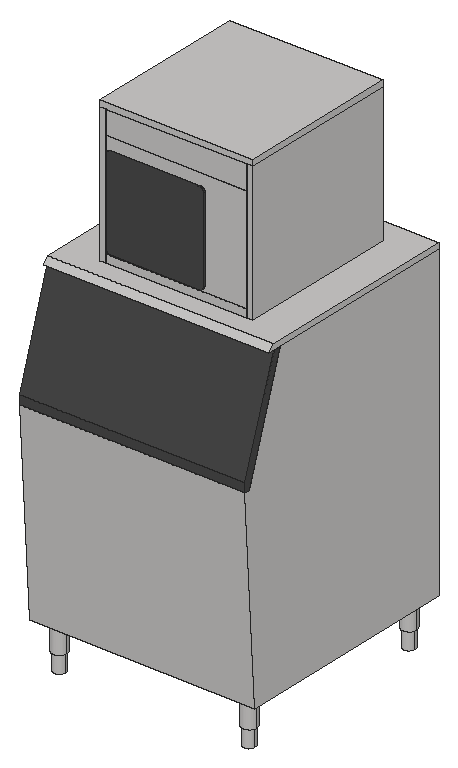
Revit family "QF_ELECTROLUXPROFESSIONAL_730292_IGF225M230SNP", category Attrezzature speciali, Revit 2018
Family settings
  Quota connettore circolare = Usa diametro
  Tipo di parte = Normale
  Basato su piano di lavoro = No
  Sempre verticale = Sì
  Taglio con vuoti quando caricato = No
  Condiviso = No
  Punto di calcolo locali = No
Parameters (values of type "Standard")
  Weight = 52.00 kg
  Watts = 0 W
  Volts = 220 V
  URL Manufacturer = "https://www.electroluxprofessional.com/"
  URL = "https://www.electroluxprofessional.com/"
  Steam Supply Size = 0 mm
  Steam Supply Minimum Pressure = 0.0 Pa
  Steam Supply Maximum Pressure = 0.0 Pa
  Steam Pounds per Hour = 0
  Show Logo [instance] = yes
  Show Clearance [instance] = yes
  Refrigeration Suction Line Size = 0 mm
  Refrigeration Liquid Line Size = 0 mm
  Refrigerant Compressor Remote = yes
  Produttore = "Electrolux Professional"
  Phase = 1
  Modello = "IGF225M230SNP"
  Length Actual = 762 mm  # constant formula
  Item Number = "730292"
  Hot Water Size = 0 mm
  Height Actual = 1751 mm  # constant formula
  HP = "0 HP"
  Gas Size = 0 mm
  Gas KW = 0
  Gas Input Pressure = 0 W
  Descrizione = "WATER COOLED GRANULAR ICE 234KG/24H+BIN 230KG MODULAR"
  Depth Actual = 819 mm  # constant formula
  Cycle = 50 Hz
  Condensate Return Size = 0 mm
  Compressed Air Volume = 0.0 L/s
  Compressed Air Size = 0 mm
  Compressed Air Pressure = 0.0 Pa
  Cold Water Size = 19.05 mm
  Accessory = yes
Reference planes
  plane 1 "Center X": y = 272.851
  plane 2: z = 0
  plane 3 "Center Y": x = -501.5
  plane 4 "TOP": z = 1710
  plane 5: x = -264
  plane 6: z = 1252
  plane 7: z = 1690
  plane 8: z = 1610
  plane 9 "LEFT": x = -882.5
  plane 10 "RIGHT": x = -120.5
  plane 11 "FRONT": y = -136.649
  plane 12 "BACK": y = 682.351
  plane 13: z = 153
  plane 14: z = 825
  plane 15: y = -93.649
  plane 16: z = 1224
  plane 17: y = -35.649
  plane 18: z = 1204
Forms (mm)
  Extrusion 1, solid, material "QF_Finishes_Stainless Steel"
    sketch origin (0, 50.5, 1224) x (1, 0, 0) y (0, 1, 0)
      loop
        line (-759, 547.851) -> (-759, -2.149) -> (-739, -2.149) -> (-739, 547.851) -> (-759, 547.851)
      loop
        line (-264, 547.851) -> (-264, -2.149) -> (-244, -2.149) -> (-244, 547.851) -> (-264, 547.851)
    from 0 to 466
  Extrusion 2, solid, material "QF_Finishes_Stainless Steel"
    sketch origin (0, 50.5, 1224) x (1, 0, 0) y (0, 1, 0)
      loop
        line (-759, 547.851) -> (-759, -2.149) -> (-244, -2.149) -> (-244, 547.851) -> (-759, 547.851)
    from 466 to 486
  Extrusion 3, solid, material "QF_Finishes_Stainless Steel"
    sketch origin (0, 50.5, 1224) x (1, 0, 0) y (0, 1, 0)
      loop
        line (-739, 547.851) -> (-739, -2.149) -> (-264, -2.149) -> (-264, 547.851) -> (-739, 547.851)
    from 0 to 28
  Extrusion 4, solid, material "QF_Finishes_Black"
    sketch origin (-264, 48.351, 1224) x (-1, 0, 0) y (0, 0, -1)
      loop
        arc (457.5, -346) -> (468.107, -341.607) -> (472.5, -331) r 15
        line (472.5, -331) -> (472.5, -46.529)
        arc (472.5, -46.529) -> (468.107, -35.923) -> (457.5, -31.529) r 15
        line (457.5, -31.529) -> (156.771, -31.529)
        arc (156.771, -31.529) -> (146.165, -35.923) -> (141.771, -46.529) r 15
        line (141.771, -46.529) -> (141.771, -331)
        arc (141.771, -331) -> (146.165, -341.607) -> (156.771, -346) r 15
        line (156.771, -346) -> (457.5, -346)
    from 0 to 2
  Extrusion 5, solid, material "QF_Finishes_Stainless Steel"
    sketch origin (0, 50.5, 1582) x (1, 0, 0) y (0, 1, 0)
      loop
        line (-739, 17.851) -> (-739, -2.149) -> (-264, -2.149) -> (-264, 17.851) -> (-739, 17.851)
    from 28 to 108
  Extrusion 6, solid, material "QF_Finishes_Stainless Steel"
    sketch origin (-501.5, 50.5, 1224) x (0, 1, 0) y (0, 0, 1)
      loop
        line (547.851, 28) -> (547.851, 466) -> (17.851, 466) -> (17.851, 386) -> (-2.149, 386) -> (-2.149, 28) -> (547.851, 28)
    from -237.5 to 237.5
  Extrusion 7, solid, material "QF_Finishes_Stainless Steel"
    sketch origin (-530.119, 598.351, 466.153) x (0, 0, -1) y (-1, 0, 0)
      loop
        circle (-808.847, -214.119) r 10
    from 0 to 10
  Extrusion 8, solid, material "QF_Finishes_Stainless Steel"
    sketch origin (-560.119, 598.351, 479.153) x (0, 0, -1) y (-1, 0, 0)
      loop
        circle (-808.847, -214.119) r 10
    from 0 to 10
  Extrusion 9, solid, material "QF_Finishes_Stainless Steel"
    sketch origin (-570.119, 598.351, 454.153) x (0, 0, -1) y (-1, 0, 0)
      loop
        circle (-808.847, -214.119) r 10
    from 0 to 10
  Extrusion 10, solid, material "QF_Finishes_Stainless Steel"
    sketch origin (-501.5, 0, 0) x (0, 1, 0) y (0, 0, 1)
      loop
        line (-93.649, 153) -> (682.351, 153) -> (682.351, 1204) -> (8.276, 1204) -> (-122.224, 825) -> (-136.649, 825) -> (-93.649, 153)
    from -381 to 381
  Extrusion 11, solid, material "QF_Finishes_Black"
    sketch origin (-501.5, 0, 0) x (0, 1, 0) y (0, 0, 1)
      loop
        line (-122.224, 825) -> (8.276, 1204) -> (-16.479, 1204) -> (-136.649, 855) -> (-136.649, 825) -> (-122.224, 825)
    from -381 to 381
  Extrusion 12, solid, material "QF_Finishes_Stainless Steel"
    sketch origin (-501.5, 0, 0) x (0, 1, 0) y (0, 0, 1)
      loop
        line (682.351, 1204) -> (682.351, 1224) -> (-17.149, 1224) -> (-35.649, 1204) -> (682.351, 1204)
    from -381 to 381
  Extrusion 13, solid, material "QF_Finishes_Stainless Steel"
    sketch origin (-412.402, 52.938, 153) x (1, 0, 0) y (0, -1, 0)
      loop
        circle (-89.098, -499.413) r 10
    from 0 to 10
Lines and regions (mm)
  Split face 1
    outline origin (-264, 48.351, 1582) x (-1, 0, 0) y (0, 0, -1)
      loop
        line (111.166, -89.646) -> (111.166, -44.646) -> (36.166, -44.646) -> (36.166, -89.646) -> (111.166, -89.646)
  Split face 2
    outline origin (-264, 48.351, 1582) x (-1, 0, 0) y (0, 0, -1)
      loop
        line (66.801, -84.104) -> (66.801, -49.914) -> (41.176, -49.914) -> (41.176, -84.104) -> (66.801, -84.104)
  symbolic lines
    curve 1: line (-759, 598.351, 0) -> (-244, 598.351, 0)
    curve 2: line (-759, 48.351, 0) -> (-759, 598.351, 0)
    curve 3: line (-244, 48.351, 0) -> (-759, 48.351, 0)
    curve 4: line (-244, 598.351, 0) -> (-244, 48.351, 0)
    curve 5: line (-882.5, 682.351, 0) -> (-120.5, 682.351, 0)
    curve 6: line (-882.5, -136.649, 0) -> (-882.5, 682.351, 0)
    curve 7: line (-120.5, -136.649, 0) -> (-882.5, -136.649, 0)
    curve 8: line (-120.5, 682.351, 0) -> (-120.5, -136.649, 0)
    curve 9: line (-882.5, -35.649, 0) -> (-120.5, -35.649, 0)
    curve 10: line (-882.5, -17.149, 0) -> (-120.5, -17.149, 0)
Dimensions and locks
  Extrusion 3 to plane 2 = 1224 mm
  locked: plane 4 "TOP" to plane 7 at 20
  locked: plane 7 to plane 8 at 80
  equal spacing: plane 9 "LEFT", plane 3 "Center Y", plane 10 "RIGHT"
  plane 9 "LEFT" to plane 10 "RIGHT" = 762 mm
  equal spacing: plane 12 "BACK", plane 1 "Center X", plane 11 "FRONT"
  plane 12 "BACK" to plane 11 "FRONT" = 819 mm
  locked: plane 13 to plane 2 at 153
  plane 14 to plane 13 = 672 mm
  plane 12 "BACK" to plane 15 = 776 mm
  plane 12 "BACK" to plane 17 = 718 mm  (x2)
  aligned and locked: level to plane 2
  aligned and locked: plane 5 to Extrusion 1 sketch curve
  aligned and locked: plane 7 to Extrusion 1
  aligned and locked: Extrusion 2 sketch curve to Extrusion 1  (x4)
  aligned and locked: plane 4 "TOP" to Extrusion 2
  aligned and locked: Extrusion 2 to Extrusion 1
  aligned and locked: Extrusion 3 sketch curve to Extrusion 1  (x4)
  aligned and locked: plane 6 to Extrusion 3
  aligned and locked: Extrusion 6 sketch curve to plane 7
  aligned and locked: plane 6 to Extrusion 6 sketch curve
  aligned and locked: Extrusion 6 sketch curve to plane 8
  aligned and locked: Extrusion 6 sketch curve to Extrusion 5
  aligned and locked: plane 5 to Extrusion 6
  aligned and locked: plane 10 "RIGHT" to Extrusion 10
  aligned and locked: Extrusion 10 to plane 9 "LEFT"
  aligned and locked: plane 10 "RIGHT" to Extrusion 11
  aligned and locked: Extrusion 11 to plane 9 "LEFT"
  aligned and locked: plane 10 "RIGHT" to Extrusion 12
  aligned and locked: Extrusion 12 to plane 9 "LEFT"
Automatic sketch dimensions
  plane 6 to Extrusion 4 sketch curve = 18.529 mm
  plane 3 "Center Y" to Extrusion 4 sketch curve = 95.729 mm
  plane 6 to Extrusion 4 sketch curve = 3.529 mm
  Extrusion 4 sketch curve to Extrusion 4 sketch curve = 15 mm  (x2)
  Extrusion 4 sketch curve to plane 8 = 55 mm
  Extrusion 5 sketch curve to plane 5 = 0 mm
  Split face 1 sketch curve to Extrusion 5 = 36.166 mm
  Split face 1 sketch curve to Extrusion 5 = 16.646 mm
  Split face 1 sketch curve to Split face 1 sketch curve = 75 mm
  Split face 1 sketch curve to Extrusion 5 = 18.354 mm
  Split face 2 sketch curve to Extrusion 5 = 41.176 mm
  Split face 2 sketch curve to Split face 2 sketch curve = 25.625 mm
  Split face 2 sketch curve to Extrusion 5 = 23.896 mm
  Split face 2 sketch curve to Extrusion 5 = 21.914 mm
  Extrusion 6 to Extrusion 7 sketch curve = 23 mm
  Extrusion 6 to Extrusion 7 sketch curve = 52 mm
  Extrusion 6 to Extrusion 8 sketch curve = 36 mm
  Extrusion 6 to Extrusion 8 sketch curve = 82 mm
  Extrusion 6 to Extrusion 9 sketch curve = 11 mm
  Extrusion 6 to Extrusion 9 sketch curve = 92 mm
  Extrusion 10 sketch curve to plane 11 "FRONT" = 0 mm
  Extrusion 10 sketch curve to plane 13 = 0 mm
  Extrusion 10 sketch curve to plane 15 = 0 mm
  Extrusion 10 sketch curve to plane 15 = 28.575 mm
  Extrusion 10 sketch curve to plane 14 = 0 mm
  Extrusion 10 sketch curve to plane 16 = 20 mm
  Extrusion 10 sketch curve to plane 12 "BACK" = 0 mm
  Extrusion 12 sketch curve to plane 17 = 0 mm
  Extrusion 12 sketch curve to plane 12 "BACK" = 0 mm
  Extrusion 12 sketch curve to plane 18 = 0 mm
  Extrusion 12 sketch curve to plane 16 = 0 mm
  Extrusion 11 sketch curve to plane 11 "FRONT" = 0 mm
  Extrusion 11 sketch curve to plane 14 = 0 mm
  Extrusion 11 sketch curve to plane 18 = 0 mm
  Extrusion 11 sketch curve to Extrusion 11 sketch curve = 14.425 mm
  Extrusion 11 sketch curve to Extrusion 11 sketch curve = 30 mm
  curve 6 to plane 9 "LEFT" = 0 mm
  curve 8 to plane 10 "RIGHT" = 0 mm
  curve 7 to plane 11 "FRONT" = 0 mm
  plane 17 to curve 9 = 0 mm
  curve 5 to plane 12 "BACK" = 0 mm
  Extrusion 13 sketch curve to Extrusion 10 = 381 mm
  Extrusion 13 sketch curve to Extrusion 10 = 130 mm
  plane 5 to curve 4 = 20 mm
  Extrusion 1 sketch curve to Extrusion 1 sketch curve = 20 mm  (x2)
  plane 9 "LEFT" to curve 2 = 123.5 mm
  plane 9 "LEFT" to Extrusion 1 sketch curve = 143.5 mm
  plane 9 "LEFT" to Extrusion 4 sketch curve = 161 mm  (x2)
  plane 9 "LEFT" to Extrusion 5 sketch curve = 143.5 mm
  curve 1 to plane 12 "BACK" = 84 mm
  Extrusion 1 sketch curve to plane 12 "BACK" = 84 mm  (x2)
  Extrusion 6 sketch curve to plane 12 "BACK" = 84 mm
  curve 2 to plane 17 = 84 mm
  curve 10 to plane 17 = 18.5 mm
  Extrusion 1 sketch curve to plane 17 = 84 mm  (x2)
  Extrusion 5 sketch curve to plane 17 = 84 mm
  Extrusion 5 sketch curve to Extrusion 5 sketch curve = 20 mm
  Extrusion 6 sketch curve to Extrusion 6 sketch curve = 20 mm
  Extrusion 10 sketch curve to plane 17 = 43.925 mm
  Extrusion 11 sketch curve to plane 17 = 19.17 mm
  Extrusion 11 sketch curve to Extrusion 11 sketch curve = 24.755 mm
  Extrusion 12 sketch curve to plane 17 = 18.5 mm
  radius of Extrusion 7 sketch curve = 10 mm
  radius of Extrusion 8 sketch curve = 10 mm
  radius of Extrusion 9 sketch curve = 10 mm
  radius of Extrusion 13 sketch curve = 10 mm
Nested families
  nested 1: "Foot_Complete" at (-822.5, -43.649, 0), type "Foot_Complete"
  nested 2: "Foot_Complete" at (-180.5, -43.649, 0) x (-1, 0, 0) z (0, 0, 1), type "Foot_Complete"
  nested 3: "Foot_Complete" at (-822.5, 632.351, 0), type "Foot_Complete"
  nested 4: "Foot_Complete" at (-180.5, 632.351, 0) x (-1, 0, 0) z (0, 0, 1), type "Foot_Complete"
Connectors
  electrical at (-346, 608.351, 1288), driven by "Volts"
    settings: on Extrusion 8, index 1, voltage 220 V, apparent load 0 VA, apparent load phase1 0 VA, apparent load phase2 0 VA, apparent load phase3 0 VA, power factor 1, load classification "Altro", number of poles 1, system type 30, power factor state 1, is connector primary yes, connector utility no, sub classification motor no, connector description "Electrical Connection"
  piping at (-316, 608.351, 1275), diameter 20
    settings: on Extrusion 7, index 2, connector inside diameter 609.6 mm, connector length 0 mm, flow factor 0, pipe flow 0.0 L/s, pressure drop 0.0 Pa, fitting loss kfactor 0, connector angle 0.00°, fixture units 0, engagement length 0 mm, angle of deflection 0.00°, flow configuration 0, flow direction 0, fitting loss method 0, system type 20, joint type 0, gender type 0, connector reference index -1, connector utility 0, adjustable connector no, is connector primary yes, connector description "Cold water"
  piping at (-356, 608.351, 1263), diameter 20
    settings: on Extrusion 9, index 3, connector inside diameter 609.6 mm, connector length 0 mm, flow factor 0, pipe flow 0.0 L/s, pressure drop 0.0 Pa, fitting loss kfactor 0, connector angle 0.00°, fixture units 0, engagement length 0 mm, angle of deflection 0.00°, flow configuration 0, flow direction 0, fitting loss method 0, system type 16, joint type 0, gender type 0, connector reference index -1, connector utility 0, adjustable connector no, is connector primary no, connector description "Drain"
  piping at (-501.5, 552.351, 143), diameter 20
    settings: on Extrusion 13, index 4, connector inside diameter 609.6 mm, connector length 0 mm, flow factor 0, pipe flow 0.0 L/s, pressure drop 0.0 Pa, fitting loss kfactor 0, connector angle 0.00°, fixture units 0, engagement length 0 mm, angle of deflection 0.00°, flow configuration 0, flow direction 0, fitting loss method 0, system type 16, joint type 0, gender type 0, connector reference index -1, connector utility 0, adjustable connector no, is connector primary no, connector description "Drain"
Definition of nested family "Foot_Complete"
  Parameters (values of type "Foot_Complete")
    R = 25 mm
    H = 153 mm
  Reference planes
    plane 1 "Centro (Fronte/Retro)": y = 0
    plane 2: z = 0
    plane 3 "Centro (Sinistra/Destra)": x = 0
    plane 4: z = 153
  Forms (mm)
    Revolve 1, solid
      sketch origin (255.05, 0, 608.09) x (0, 0, 1) y (-1, 0, 0)
        loop
          line (-608.09, 255.05) -> (-608.09, 235.05) -> (-548.09, 235.05) -> (-548.09, 230.05) -> (-455.09, 230.05) -> (-455.09, 255.05) -> (-608.09, 255.05)
        axis (-608.09, 255.05) -> (-455.09, 255.05)
      angle from 0 to 360
  Dimensions and locks
    level to Revolve 1 sketch curve = 60 mm
    "R": Revolve 1 sketch curve to plane 3 "Centro (Sinistra/Destra)"
    "H": plane 4 to level
    aligned and locked: level to plane 2
    aligned and locked: plane 4 to Revolve 1 sketch curve
    aligned and locked: Revolve 1 sketch curve to level
    aligned and locked: plane 3 "Centro (Sinistra/Destra)" to Revolve 1 sketch curve
  Automatic sketch dimensions
    Revolve 1 sketch curve to plane 3 "Centro (Sinistra/Destra)" = 0 mm
    plane 3 "Centro (Sinistra/Destra)" to Revolve 1 sketch curve = 20 mm
    Revolve 1 sketch curve to Revolve 1 sketch curve = 50 mm
    Revolve 1 sketch curve to Revolve 1 sketch curve = 20 mm
